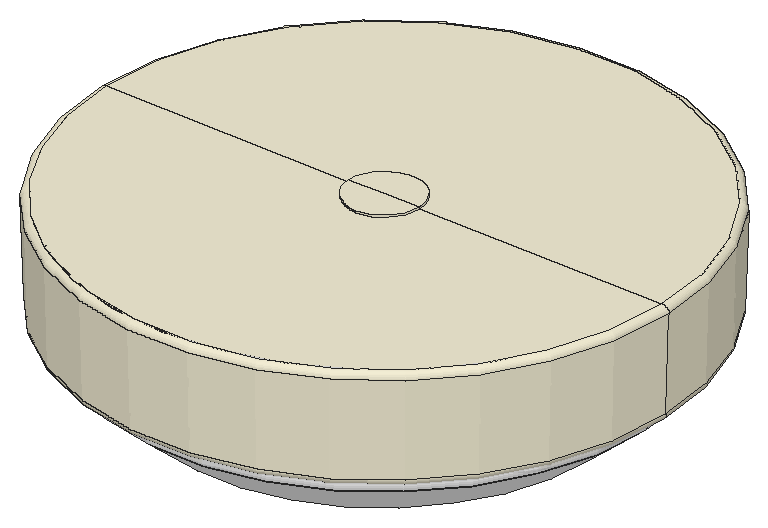
Revit family "3-622-xx Journey Ceiling Mount", category Lighting Fixtures, host Ceiling, Revit 2018
Family settings
  Host = Ceiling
  Round Connector Dimension = Use Diameter
  Part Type = Normal
  OmniClass Number = 23.80.70.11
  OmniClass Title = Luminaries for Internal Lighting
  Always vertical = Yes
  Cut with Voids When Loaded = No
  Light Source = Yes
  Shared = No
  Room Calculation Point = No
Parameters (values of type "3-622-24 / Satin Nickel - Matte Opal Glass")
  Wattage Comments = "1 x 10.1 W at 120 V"  # constant formula
  Wattage = 9.2903 W
  built-in parameter 1150110 = 1 (stored number, unit not read)
  Voltage Input = "120 V or 277 V - 50/60 Hz"  # constant formula
  Voltage = 120 V
  URL = "www.oxygenlighting.com"
  built-in parameter 1114217 = 1 (stored number, unit not read)
  built-in parameter 1150109 = 1 (stored number, unit not read)
  built-in parameter 1150134 = (empty or 0)
  built-in parameter 1150113 = 1 (stored number, unit not read)
  References = "Ref. 3 = 120 V / Ref. 37 = 277 V"  # constant formula
  Model = "3-622-xx / Journey Ceiling Mount"  # constant formula
  Metal Finish = 24 - Satin Nickel
  Manufacturer = "Oxygen Lighting and Fans"  # constant formula
  Main Diffuser = White Opal Glass
  Lumens = 1380 lm
  built-in parameter 1150115 = 1 (stored number, unit not read)
  built-in parameter 1150105 = 109.82 (stored number, unit not read)
  Light Source Symbol Size = 609.6 mm
  built-in parameter 1150137 = (empty or 0)
  built-in parameter 1150139 = (empty or 0)
  built-in parameter 1150112 = 1 (stored number, unit not read)
  built-in parameter 1150114 = 1 (stored number, unit not read)
  Lamp = "LED Array"  # constant formula
  built-in parameter 1150132 = 2
  built-in parameter 1150102 = (empty or 0)
  built-in parameter 1150138 = (empty or 0)
  built-in parameter 1150107 = 3000 (stored number, unit not read)
  built-in parameter 1150106 = 1.0982 (stored number, unit not read)
  built-in parameter 1150104 = 13.8 (stored number, unit not read)
  Dimming Lamp Color Temperature Shift = <None>
  Color Filter = 16777215
  built-in parameter 1114218 = 1 (stored number, unit not read)
  built-in parameter 1150133 = 10 (stored number, unit not read)
Types (2, lengths in mm): name | Metal Finish
  3-622-15 / Black - Matte Opal Glass | 15 - Black
  3-622-24 / Satin Nickel - Matte Opal Glass | 24 - Satin Nickel
Reference planes
  plane 1 "Light Source Axis (F/B)": y = 0
  plane 2: z = 0
  plane 3 "Light Source Axis (L/R)": x = 0
  plane 4 "Ceiling": z = 4000
  plane 5 "Light Source Elevation": z = 3920
  plane 6: z = 3996.754
Dimensions and locks
  equal spacing: host sketch curve, plane 3 "Light Source Axis (L/R)", host sketch curve
  equal spacing: host sketch curve, plane 1 "Light Source Axis (F/B)", host sketch curve
  host sketch curve to host sketch curve = 4000 mm  (x2)
  plane 4 "Ceiling" to host ceiling = 0 mm
  locked: plane 5 "Light Source Elevation" to plane 4 "Ceiling" at 80
  locked: plane 6 to plane 4 "Ceiling" at 3.246
  aligned and locked: plane 3 "Light Source Axis (L/R)" to imposter light
  aligned and locked: plane 1 "Light Source Axis (F/B)" to imposter light
  aligned and locked: plane 5 "Light Source Elevation" to imposter light
  aligned and locked: plane 3 "Light Source Axis (L/R)" to nested 1
  aligned and locked: plane 1 "Light Source Axis (F/B)" to nested 1
  aligned and locked: plane 6 to nested 1
Nested families
  nested 1: "Base" at (0, 0, 4000), type "Base"
Connectors
  electrical at (0, 0, 4000.845), driven by "Voltage"
    settings: on nested 1, index 1, voltage 120 V, apparent load 0 VA, apparent load phase1 0 VA, apparent load phase2 0 VA, apparent load phase3 0 VA, power factor 1, load classification "Other", number of poles 1, system type 31, power factor state 1, is connector primary yes, connector utility no, sub classification motor no, connector description ""
Definition of nested family "Base"
  Parameters (values of type "Base")
    Metal Finish = none
    Main Diffuser = none
  Reference planes
    plane 1 "Center (Front/Back)": y = 0
    plane 2: z = 0
    plane 3 "Center (Left/Right)": x = 0
  Forms (mm)
    Revolve 1, solid, material <- "Metal Finish"
      sketch origin (0, 0, 0) x (1, 0, 0) y (0, 0, 1)
        loop
          arc (-136.349, 0) -> (-138.644, -0.951) -> (-139.594, -3.246) r 3.246
          line (-139.594, -3.246) -> (-138.254, -47.696)
          arc (-138.254, -47.696) -> (-137.344, -49.891) -> (-135.149, -50.8) r 3.104
          line (-135.149, -50.8) -> (0, -50.8) -> (0, 0.845) -> (-17.186, 0.845) -> (-17.186, 0) -> (-136.349, 0)
        axis (0, 0.845) -> (0, -50.8)
      angle from 0 to 360
    Revolve 2, solid, material <- "Main Diffuser"
      sketch origin (0, 0, 0) x (1, 0, 0) y (0, 0, 1)
        loop
          arc (-128.305, -58.561) -> (-69.47, -97.822) -> (0, -111.125) r 178.352
          line (0, -111.125) -> (0, -50.8) -> (-125.222, -50.8)
          arc (-125.222, -50.8) -> (-128.819, -53.864) -> (-128.305, -58.561) r 5.048
        axis (0, -50.8) -> (0, -111.125)
      angle from 0 to 360
  Dimensions and locks
    aligned and locked: level to plane 2
